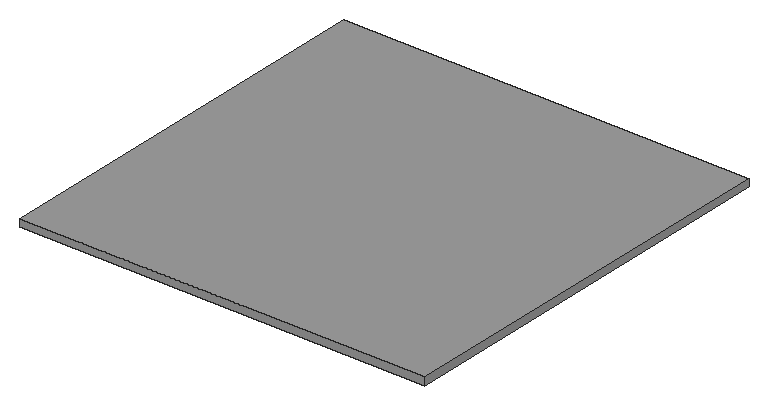
Revit family "WM-MN Unskimmend Family 75mm", category Generic Models, host Ceiling, Revit 2017
Family settings
  Host = Ceiling
  Can host rebar = No
  Round Connector Dimension = Use Diameter
  Part Type = Normal
  Always vertical = Yes
  Cut with Voids When Loaded = No
  Shared = No
  Room Calculation Point = No
Parameters (values of type "Lambdaboard")
  Width = 4000 mm
  URL = "www.rigifoam.com"
  Type Comments = "duncan@rigifoam.com"
  Thermal Resistance = 3.1300 (m²·K)/W
  Thermal Conductivity = 0.0240 W/(m·K)
  Model = "WM/MN Unskimmend 75mm"
  Material = Polyisocyanurate
  Manufacturer = "Lambdaboard"
  Length = 4000 mm
  Description = "Flexible PIR Insulation"
  Depth = 75 mm
  Density = 40.0000 kg/m³
Reference planes
  plane 1 "Center (Front/Back)": y = 0
  plane 2: z = 0
  plane 3 "Center (Left/Right)": x = 0
  plane 4 "Ceiling": z = 4000
Forms (mm)
  Extrusion 1, solid, material "Polyisocyanurate" <- "Material"
    sketch origin (0, 0, 4000) x (0, 1, 0) y (-1, 0, 0)
      loop
        line (2000, 2000) -> (-2000, 2000) -> (-2000, -2000) -> (2000, -2000) -> (2000, 2000)
    from -75 to 0
Dimensions and locks
  equal spacing: host sketch curve, plane 3 "Center (Left/Right)", host sketch curve
  equal spacing: host sketch curve, plane 1 "Center (Front/Back)", host sketch curve
  host sketch curve to host sketch curve = 4000 mm  (x2)
  plane 4 "Ceiling" to host ceiling = 0 mm
  equal spacing: Extrusion 1, plane 3 "Center (Left/Right)", Extrusion 1
  "Length": Extrusion 1 to Extrusion 1
  "Width": Extrusion 1 to Extrusion 1
  "Depth": Extrusion 1 to Extrusion 1
Automatic sketch dimensions
  plane 1 "Center (Front/Back)" to Extrusion 1 sketch curve = 2000 mm
  Extrusion 1 sketch curve to plane 1 "Center (Front/Back)" = 2000 mm
  plane 3 "Center (Left/Right)" to Extrusion 1 sketch curve = 2000 mm
  Extrusion 1 sketch curve to plane 3 "Center (Left/Right)" = 2000 mm
